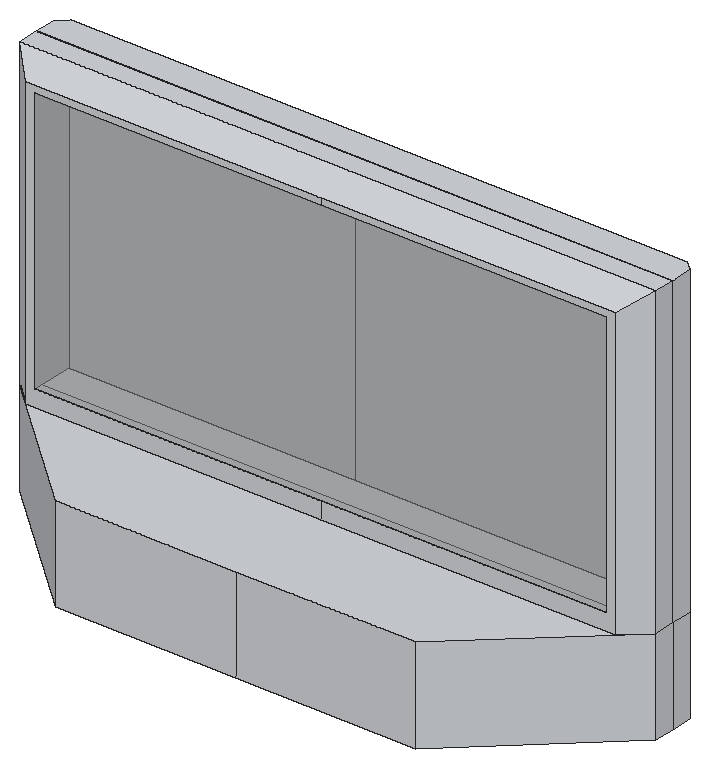
Revit family "7047", category Lighting Fixtures, Revit 2016
Family settings
  Part Type = Normal
  Round Connector Dimension = Use Diameter
  OmniClass Number = 23.80.70.00
  OmniClass Title = Lighting
  Work Plane-Based = No
  Always vertical = Yes
  Cut with Voids When Loaded = No
  Light Source = Yes
  Shared = No
  Room Calculation Point = No
Parameters
  Wattage = 12.1178 W
  built-in parameter 1150110 = 1 (stored number, unit not read)
  built-in parameter 1114217 = 1 (stored number, unit not read)
  built-in parameter 1150109 = 1 (stored number, unit not read)
  built-in parameter 1150134 = (empty or 0)
  built-in parameter 1150113 = 1 (stored number, unit not read)
  Lumens = 1800 lm
  built-in parameter 1150115 = 1 (stored number, unit not read)
  built-in parameter 1150105 = 143.24 (stored number, unit not read)
  Light Source Symbol Size = 2' - 0"
  built-in parameter 1150137 = (empty or 0)
  built-in parameter 1150139 = (empty or 0)
  built-in parameter 1150112 = 1 (stored number, unit not read)
  built-in parameter 1150114 = 1 (stored number, unit not read)
  built-in parameter 1150132 = 2
  built-in parameter 1150102 = (empty or 0)
  built-in parameter 1150138 = (empty or 0)
  built-in parameter 1150107 = 3000 (stored number, unit not read)
  built-in parameter 1150106 = 1.4324 (stored number, unit not read)
  built-in parameter 1150104 = 13.8 (stored number, unit not read)
  Dimming Lamp Color Temperature Shift = (empty or 0)
  Color Filter = 16777215
  built-in parameter 1114218 = 1 (stored number, unit not read)
  built-in parameter 1150133 = 10 (stored number, unit not read)
Reference planes (in)
  plane 1 "Light Source Axis (F/B)": y = -1.5
  plane 2: z = 0
  plane 3 "Light Source Axis (L/R)": x = 0
  plane 4 "Light Source Elevation": z = 5.39634
  plane 5: z = 2.25
  plane 6: x = -7.5
  plane 7: y = -1
Forms (in)
  Extrusion 1, solid
    sketch origin (0, 0, 0) x (1, 0, 0) y (0, 1, 0)
      loop
        line (-7.5, 0) -> (-7.5, -0.5) -> (-4.25, -3.5) -> (0, -3.5) -> (4.25, -3.5) -> (7.5, -0.5) -> (7.5, 0) -> (7.5, 0.5) -> (4.25, 3.5) -> (0, 3.5) -> (-4.25, 3.5) -> (-7.5, 0.5) -> (-7.5, 0)
    from 0 to 2.25
  Extrusion 2, solid
    sketch origin (0, 3.5, 2.25) x (0, 1, 0) y (-1, 0, 0)
      loop
        line (-1.75, 0) -> (-1.75, 6.14583) -> (-3, 7.5) -> (-3.5, 7.5) -> (-3.5, 0) -> (-3.5, -7.5) -> (-3, -7.5) -> (-1.75, -6.14583) -> (-1.75, 0)
    from 0 to 7.25
  Extrusion 3, solid
    sketch origin (0, 3.5, 2.25) x (0, 1, 0) y (-1, 0, 0)
      loop
        line (-3.5, 0) -> (-3.5, 7.5) -> (-4, 7.5) -> (-4.5, 6.95833) -> (-4.5, 0) -> (-4.5, -6.95833) -> (-4, -7.5) -> (-3.5, -7.5) -> (-3.5, 0)
    from 0 to 7.25
  Extrusion 4, void
    sketch origin (-7.5, -180, 0) x (0, 0, 1) y (0, -1, 0)
      loop
        line (9.5, -180.70869) -> (8.68644, -181.75) -> (9.5, -181.75) -> (9.5, -180.70869)
    from 0 to 15
  Extrusion 5, void
    sketch origin (-7.5, -180, 0) x (0, 0, 1) y (0, -1, 0)
      loop
        line (9.5, -179.5) -> (9.5, -179) -> (9.05357, -179) -> (9.5, -179.5)
    from 0 to 15
  Extrusion 6, void
    sketch origin (-7.5, -180, 0.06808) x (0, 0, 1) y (0, -1, 0)
      loop
        line (2.93192, -181.75) -> (3.02227, -181.75) -> (3.02227, -180.75) -> (2.93192, -180.75) -> (2.93192, -181.75)
      loop
        line (3.16541, -181.75) -> (3.25577, -181.75) -> (3.25577, -180.75) -> (3.16541, -180.75) -> (3.16541, -181.75)
      loop
        line (3.39224, -181.75) -> (3.4826, -181.75) -> (3.4826, -180.75) -> (3.39224, -180.75) -> (3.39224, -181.75)
      loop
        line (3.63822, -181.75) -> (3.72858, -181.75) -> (3.72858, -180.75) -> (3.63822, -180.75) -> (3.63822, -181.75)
      loop
        line (3.88365, -181.75) -> (3.97401, -181.75) -> (3.97401, -180.75) -> (3.88365, -180.75) -> (3.88365, -181.75)
      loop
        line (4.11715, -181.75) -> (4.2075, -181.75) -> (4.2075, -180.75) -> (4.11715, -180.75) -> (4.11715, -181.75)
      loop
        line (4.34398, -181.75) -> (4.43433, -181.75) -> (4.43433, -180.75) -> (4.34398, -180.75) -> (4.34398, -181.75)
      loop
        line (4.58996, -181.75) -> (4.68031, -181.75) -> (4.68031, -180.75) -> (4.58996, -180.75) -> (4.58996, -181.75)
      loop
        line (4.85447, -181.75) -> (4.94482, -181.75) -> (4.94482, -180.75) -> (4.85447, -180.75) -> (4.85447, -181.75)
      loop
        line (5.08796, -181.75) -> (5.17832, -181.75) -> (5.17832, -180.75) -> (5.08796, -180.75) -> (5.08796, -181.75)
      loop
        line (5.31479, -181.75) -> (5.40515, -181.75) -> (5.40515, -180.75) -> (5.31479, -180.75) -> (5.31479, -181.75)
      loop
        line (5.56077, -181.75) -> (5.65113, -181.75) -> (5.65113, -180.75) -> (5.56077, -180.75) -> (5.56077, -181.75)
      loop
        line (5.8062, -181.75) -> (5.89656, -181.75) -> (5.89656, -180.75) -> (5.8062, -180.75) -> (5.8062, -181.75)
      loop
        line (6.0397, -181.75) -> (6.13005, -181.75) -> (6.13005, -180.75) -> (6.0397, -180.75) -> (6.0397, -181.75)
      loop
        line (6.26653, -181.75) -> (6.35688, -181.75) -> (6.35688, -180.75) -> (6.26653, -180.75) -> (6.26653, -181.75)
      loop
        line (6.51251, -181.75) -> (6.60286, -181.75) -> (6.60286, -180.75) -> (6.51251, -180.75) -> (6.51251, -181.75)
    from 0 to 24
  Extrusion 7, void
    sketch origin (0, -1, 9.05357) x (0, 0, -1) y (-1, 0, 0)
      loop
        line (0.15723, -6.75) -> (6.4061, -6.75) -> (6.4061, 6.75) -> (0.15723, 6.75) -> (0.15723, -6.75)
    from 0 to 1
  Extrusion 8, solid, material "Acrylic-Brownlee"
    sketch origin (0, -1, 9.05357) x (0, 0, 1) y (-1, 0, 0)
      loop
        line (-0.15723, -6.75) -> (-0.15723, 6.75) -> (-6.4061, 6.75) -> (-6.4061, -6.75) -> (-0.15723, -6.75)
    from 0 to -0.16623
Cuts and joins
  Extrusion 4, Extrusion 6, Extrusion 7 cuts Extrusion 2
  Extrusion 5, Extrusion 7 cuts Extrusion 3
Dimensions and locks (in)
  aligned and locked: plane 3 "Light Source Axis (L/R)" to imposter light
  aligned and locked: plane 1 "Light Source Axis (F/B)" to imposter light
  aligned and locked: plane 4 "Light Source Elevation" to imposter light
  aligned and locked: level to plane 2
